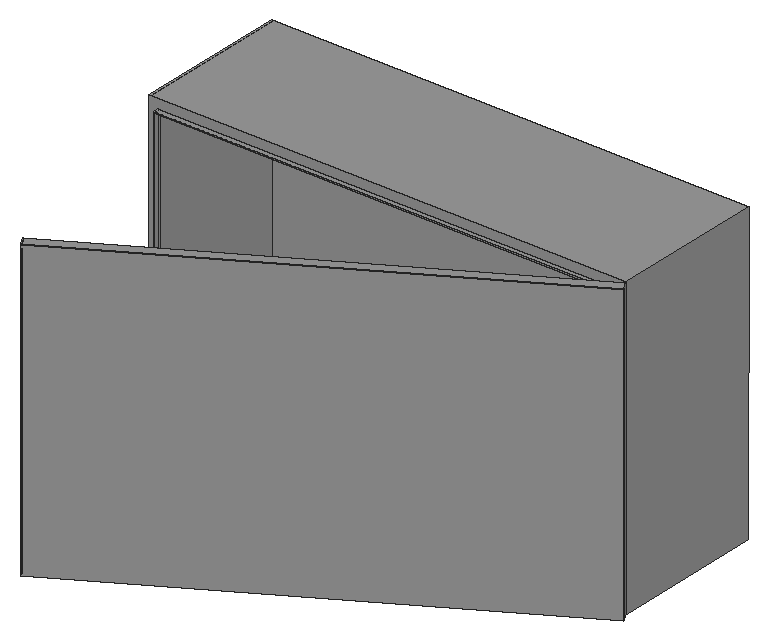
Revit family "Hager-Univers-IP55-D275-H500-Cl.I-Steel_encl-NoHosted-DE-de", category Equipement électrique, Revit 2020
Family settings
  Configuration du panneau = Deux colonnes, circuits au sein
  Cote de connecteur circulaire = Utiliser le diamètre
  Type d'élément = Tableau de raccordement
  Basée sur le plan de construction = Oui
  Toujours verticalement = Oui
  Couper avec des vides une fois chargée = Non
  Partagée = Non
  Point de calcul de pièce = Non
Parameters (values of type "Aufputz IP55 B800 H500 T275  - FR33E")
  Width Control [instance] = if([EF000008 - Breite] > Min Width, [EF000008 - Breite], Min Width)  # 800 mm
  Commentaires du type = [HG000003 - Bereich]  # "Univers"
  Thickness Door [instance] = if([EF009171 - Materialstärke Tür/Deckel] > 3 mm, 3 mm, [EF009171 - Materialstärke Tür/Deckel])  # 1.5 mm
  Seal Frame Offset [instance] = 17 mm  # constant formula
  Plinth Visibility [instance] = [HG000027 - Sockelhöhe] > 0 mm  # no
  Min Width [instance] = 100 mm  # constant formula
  Min Depth [instance] = (2 * [EF009170 - Materialstärke Gehäuse]) + 1 mm  # 4 mm
  Min Height [instance] = 100 mm  # constant formula
  Internal Frame Depth [instance] = (Door System Depth * 0.5)  # 9 mm
  Panel Name [instance] = ""  # (empty or 0)
  Model = ""
  HG000027 - Sockelhöhe = 0 mm
  HG000026 - Stehend auf dem Boden = no
  HG000024 - Höhe des unteren Teils = 600 mm
  HG000023 - Gehäuse mit doppeltem Querschnitt = no
  HG000016 - 3D-Türsichtbarkeit [instance] = yes
  HG000015 - Sichtbarkeit der Türöffnung [instance] = no
  HG000014 - Tür rechts [instance] = yes
  HG000013 - Tür links [instance] = not([HG000014 - Tür rechts])  # no
  HG000012 - Türschwenkwinkel [instance] = 30.00°
  HG000010 - Asymmetrische Türen = no
  HG000009 - Doppelflügeligen Tür = no
  HG000006 - Unterputz = no
  HG000004 - Herstellerreferenz = "FR33E"
  HG000003 - Bereich = "Univers"
  HG000002 - Mit tür = yes
  Frame Offset Bottom [instance] = 10 mm  # constant formula
  Frame Offset [instance] = 15 mm  # constant formula
  EF015940 - Deckel mit Überdruckentlastung = no
  EF011959 - Schutzart (NEMA) = ""
  EF009554 - Anzahl der Öffnungen für Flanschplatten = 6
  EF009212 - Ausführung Deckel = "EV000116 - geschlossen"
  EF009171 - Materialstärke Tür/Deckel = 1.5 mm
  EF009170 - Materialstärke Gehäuse = 1.5 mm
  EF008873 - Nennstrom (In) = 800 A
  EF007800 - Geeignet für Blitzschutz = no
  EF006306 - Mit Schloss = no
  EF006244 - Transparenter Deckel/Tür = no
  EF005474 - Schutzart (IP) = "EV006420 - IP55"
  EF004464 - Art der Tür = "EV002646 - Einzel"
  EF004427 - Anzahl der Module = 108
  EF004293 - Schlagfestigkeit = "EV008784 - IK10"
  EF003532 - Geeignet für Außengebrauch = no
  EF002950 - Breite in Teilungseinheiten = 24
  EF001613 - Funktionserhalt = "EV000494 - ohne"
  EF001596 - Werkstoff des Gehäuses = "EV000179 - Stahl"
  EF001131 - Innentiefe = 275 mm
  EF001088 - Anbaumöglichkeit = yes
  EF000437 - Anzahl der Leitungseinführungen = 6
  EF000339 - Art der Abdeckung = "EV004216 - Tür"
  EF000266 - Anzahl der Reihen = 3
  EF000218 - Einbautiefe = 0 mm
  EF000118 - Mit Montageplatte = no
  EF000116 - RAL-Nummer = "7035"
  EF000049 - Tiefe = 275 mm
  EF000040 - Höhe = 500 mm
  EF000008 - Breite = 800 mm
  EF000007 - Farbe = "EV000270 - grau"
  EF000003 - Montageart = "EV000384 - Aufputz"
  Door System Leaf Tolerance [instance] = 1.5 mm  # constant formula
  Door System Depth [instance] = 18 mm  # constant formula
  Door Height [instance] = Height Control - [HG000027 - Sockelhöhe]  # 500 mm
  Description = ""
  Default Elevation = 1219.2 mm
  Connector Offset [instance] = Height Control / 2  # 250 mm
  Fabricant = "Hager"  # constant formula
  Height Control [instance] = if([EF000040 - Höhe] > Min Height, [EF000040 - Höhe], Min Height)  # 500 mm
  Depth Control [instance] = if([EF000049 - Tiefe] > Min Depth, [EF000049 - Tiefe], Min Depth)  # 275 mm
  Bottom Top Plate Trim [instance] = 1.5 mm  # constant formula
  Plinth height Ctrl [instance] = if([HG000027 - Sockelhöhe] > 0 mm, [HG000027 - Sockelhöhe], 12 mm)  # 12 mm
Types (5, lengths in mm): name | Width Control | HG000010 - Asymmetrische Türen | HG000009 - Doppelflügeligen Tür | HG000004 - Herstellerreferenz | EF009554 - Anzahl der Öffnungen für Flanschplatten | EF004464 - Art der Tür | EF004427 - Anzahl der Module | EF000437 - Anzahl der Leitungseinführungen | EF000008 - Breite
  Aufputz IP55 B1050 H500 T275  - FR34E | 1050 | no | yes | "FR34E" | 8 | "EV003602 - Doppel" | 144 | 8 | 1050
  Aufputz IP55 B1300 H500 T275  - FR35E | 1300 | yes | yes | "FR35E" | 10 | "EV003602 - Doppel" | 180 | 10 | 1300
  Aufputz IP55 B300 H500 T275  - FR31E | 300 | no | no | "FR31E" | 2 | "EV002646 - Einzel" | 36 | 2 | 300
  Aufputz IP55 B550 H500 T275  - FR32E | 550 | no | no | "FR32E" | 4 | "EV002646 - Einzel" | 72 | 4 | 550
  Aufputz IP55 B800 H500 T275  - FR33E | 800 | no | no | "FR33E" | 6 | "EV002646 - Einzel" | 108 | 6 | 800
Reference planes
  plane 1 "Center (Front/Back)": y = 0
  plane 2: z = 0
  plane 3 "Center (Left/Right)": x = 0
  plane 4: y = 0
  plane 5: y = 0
  plane 6: z = 0
  plane 7: x = -400
  plane 8: x = 400
  plane 9: x = 398.5
  plane 10: x = -398.5
  plane 11: z = 0
  plane 12: z = 1.5
  plane 13: y = -275
  plane 14: y = -1.5
  plane 15: x = 0
  plane 16: y = -257
  plane 17: y = -273.5
  plane 18: y = -255.5
  plane 19: x = -383.5
  plane 20: x = 383.5
  plane 21: z = 11.5
  plane 22: x = -383
  plane 23: x = 383
  plane 24: z = 0
  plane 25: z = 500
  plane 26: z = 500
  plane 27: z = 483.5
  plane 28: z = 498.5
Forms (mm)
  Extrusion 1, solid, material "Hager_Steel_RAL7035_Light_Grey", detail levels medium+fine
    sketch origin (-208.679, -4572, 0) x (-1, 0, 0) y (0, -1, 0)
      loop
        line (191.321, -4315) -> (-608.679, -4315) -> (-608.679, -4572) -> (191.321, -4572) -> (191.321, -4315)
    from 0 to 500
  Extrusion 2, void
    sketch origin (-350.771, -275, 1219.2) x (1, 0, 0) y (0, 0, 1)
      loop
        line (-47.729, -720.7) -> (-47.729, -1217.7) -> (749.271, -1217.7) -> (749.271, -720.7) -> (-47.729, -720.7)
    from -19.5 to -273.5
  Extrusion 3, void
    sketch origin (-290.084, -257, 1219.2) x (1, 0, 0) y (0, 0, 1)
      loop
        line (-93.416, -1207.7) -> (673.584, -1207.7) -> (673.584, -735.7) -> (-93.416, -735.7) -> (-93.416, -1207.7)
    from 0 to -1.5
  Extrusion 4, solid, material "Hager_Steel_RAL7035_Light_Grey", visible <- "Plinth Visibility", detail levels medium+fine
    sketch origin (0, 0, 0) x (1, 0, 0) y (0, 1, 0)
      loop
        line (-400, 0) -> (-400, -257) -> (400, -257) -> (400, 0) -> (-400, 0)
    from 0 to 12 <- "Plinth height Ctrl"
  Extrusion 5, solid, material "Hager_Steel_RAL7035_Light_Grey", detail levels coarse
    sketch origin (0, 0, 0) x (1, 0, 0) y (0, 1, 0)
      loop
        line (-400, 0) -> (-400, -275) -> (400, -275) -> (400, 0) -> (-400, 0)
    from 0 to 500 <- "Height Control"
  Sweep 6, void
    path in 3D
      loop
        line (-400, -257, 12) -> (400, -257, 12) -> (400, 0, 12) -> (-400, 0, 12) -> (-400, -257, 12)
    profile origin (-400, -128.5, 12) x (1, 0, 0) y (0, 0, 1)
      loop
        line (0, 0) -> (0, -1.5) -> (1.5, -1.5)
        arc (1.5, -1.5) -> (1.061, -0.439) -> (0, 0) r 1.5
  Extrusion 7, solid, material "Hager_Steel_RAL7035_Light_Grey", detail levels fine
    sketch origin (-400, -257, 0) x (1, 0, 0) y (0, 0, 1)
      loop
        line (16.5, 11.5) -> (783.5, 11.5) -> (783.5, 483.5) -> (16.5, 483.5) -> (16.5, 11.5)
      loop
        line (15, 10) -> (785, 10) -> (785, 485) -> (15, 485) -> (15, 10)
    from 0 to 9 <- "Internal Frame Depth"
Cuts and joins
  Extrusion 2, Extrusion 3 cuts Extrusion 1
  Sweep 6 cuts Extrusion 4
Lines and regions (mm)
  Masking region 1
    outline origin (0, 0, 0) x (1, 0, 0) y (0, 1, 0)
      loop
        line (-400, 0) -> (-400, -275) -> (400, -275) -> (400, 0) -> (-400, 0)
  Masking region 2, detail levels coarse
    outline origin (-290.084, -257, 1219.2) x (-1, 0, 0) y (0, 0, 1)
      loop
        line (-690.084, -1219.2) -> (109.916, -1219.2) -> (109.916, -719.2) -> (-690.084, -719.2) -> (-690.084, -1219.2)
  Masking region 3, detail levels coarse
    outline origin (0, 0, 0) x (0, 1, 0) y (0, 0, 1)
      loop
        line (0, 0) -> (0, 500) -> (-275, 500) -> (-275, 0) -> (0, 0)
  Masking region 4, visible <- "Plinth Visibility", detail levels medium+fine
    outline origin (0, 0, 0) x (0, 1, 0) y (0, 0, 1)
      loop
        line (-1.5, 12) -> (-255.5, 12)
        arc (-255.5, 12) -> (-255.939, 10.939) -> (-257, 10.5) r 1.5
        line (-257, 10.5) -> (-257, 0) -> (0, 0) -> (0, 10.5)
        arc (0, 10.5) -> (-1.061, 10.939) -> (-1.5, 12) r 1.5
  Masking region 5, detail levels medium+fine
    outline origin (0, 0, 594.038) x (0, 1, 0) y (0, 0, 1)
      loop
        line (0, -594.038) -> (0, -94.038) -> (-257, -94.038) -> (-257, -594.038) -> (0, -594.038)
  Masking region 6, detail levels medium+fine
    outline origin (-359.7, -257, 1211.883) x (-1, 0, 0) y (0, 0, 1)
      loop
        line (-759.7, -1211.883) -> (40.3, -1211.883) -> (40.3, -711.883) -> (-759.7, -711.883) -> (-759.7, -1211.883)
  Masking region 7, visible <- "Plinth Visibility", detail levels medium+fine
    outline origin (-320.334, -257, 1041.368) x (-1, 0, 0) y (0, 0, 1)
      loop
        line (-720.334, -1041.368) -> (79.666, -1041.368) -> (79.666, -1030.868)
        arc (79.666, -1030.868) -> (78.606, -1030.429) -> (78.166, -1029.368) r 1.5
        line (78.166, -1029.368) -> (-718.834, -1029.368)
        arc (-718.834, -1029.368) -> (-719.273, -1030.429) -> (-720.334, -1030.868) r 1.5
        line (-720.334, -1030.868) -> (-720.334, -1041.368)
  sketch lines
    curve 1: line (-400, 0, 12) -> (-400, -257, 12)
    curve 2: line (-400, -257, 12) -> (400, -257, 12)
    curve 3: line (400, 0, 12) -> (-400, 0, 12)
    curve 4: line (400, -257, 12) -> (400, 0, 12)
Dimensions and locks
  locked: plane 1 "Center (Front/Back)" to plane 5
  "EF009170 - Materialstärke Gehäuse": plane 7 to plane 10
  "EF009170 - Materialstärke Gehäuse": plane 8 to plane 9
  equal spacing: plane 7, plane 3 "Center (Left/Right)", plane 8
  "Width Control": plane 7 to plane 8
  "Depth Control": plane 4 to plane 13
  "EF009170 - Materialstärke Gehäuse": plane 4 to plane 14
  "Height Control": plane 25 to level
  "HG000027 - Sockelhöhe": plane 11 to level
  "EF009170 - Materialstärke Gehäuse": plane 12 to plane 11
  "EF009170 - Materialstärke Gehäuse": plane 17 to plane 13
  "EF009170 - Materialstärke Gehäuse": plane 18 to plane 16
  "Frame Offset Bottom": plane 21 to plane 12
  "Frame Offset": plane 10 to plane 19
  "Frame Offset": plane 9 to plane 20
  "Door System Depth": plane 16 to plane 13
  "Seal Frame Offset": plane 7 to plane 22
  "Seal Frame Offset": plane 8 to plane 23
  "EF009170 - Materialstärke Gehäuse": plane 26 to plane 28
  "Frame Offset": plane 28 to plane 27
  "Connector Offset": plane 2 to connector elem
  "Bottom Top Plate Trim": profile plane to Sweep 6 sketch curve
  "Bottom Top Plate Trim": Sweep 6 sketch curve to Sweep 6 sketch curve
  "Plinth height Ctrl": Masking region 4 sketch curve to level
  "Plinth height Ctrl": Masking region 7 sketch curve to level
  "Thickness Door": Extrusion 7 sketch curve to Extrusion 7 sketch curve  (x4)
  "Bottom Top Plate Trim": radius of Sweep 6 sketch curve
  "Bottom Top Plate Trim": radius of Masking region 4 sketch curve  (x2)
  "Bottom Top Plate Trim": radius of Masking region 7 sketch curve  (x2)
  aligned and locked: Extrusion 2 sketch curve to plane 12
  aligned and locked: Extrusion 2 sketch curve to plane 9
  aligned and locked: Extrusion 2 sketch curve to plane 10
  aligned and locked: Extrusion 2 to plane 14
  aligned and locked: Extrusion 1 sketch curve to plane 4
  aligned and locked: plane 8 to Extrusion 1 sketch curve
  aligned and locked: plane 7 to Extrusion 1 sketch curve
  aligned and locked: Extrusion 2 to plane 18
  aligned and locked: plane 19 to Extrusion 3 sketch curve
  aligned and locked: plane 20 to Extrusion 3 sketch curve
  aligned and locked: Extrusion 3 to Extrusion 2
  aligned and locked: Extrusion 3 sketch curve to plane 21
  aligned and locked: plane 3 "Center (Left/Right)" to nested 1
  aligned and locked: Extrusion 1 sketch curve to plane 16
  aligned and locked: Extrusion 4 sketch curve to cut or joined group of Extrusion 1, Extrusion 2, Extrusion 3
  aligned and locked: Masking region 1 sketch curve to plane 7
  aligned and locked: Masking region 1 sketch curve to plane 5
  aligned and locked: Masking region 1 sketch curve to plane 8
  aligned and locked: Masking region 2 sketch curve to level
  aligned and locked: level to Masking region 3 sketch curve
  aligned and locked: plane 1 "Center (Front/Back)" to Masking region 3 sketch curve
  aligned and locked: plane 13 to Masking region 3 sketch curve
  aligned and locked: plane 5 to Masking region 4 sketch curve
  aligned and locked: Masking region 2 sketch curve to plane 8
  aligned and locked: Masking region 2 sketch curve to plane 7
  aligned and locked: plane 7 to nested 2
  aligned and locked: nested 2 to plane 5
  aligned and locked: plane 5 to Masking region 5 sketch curve
  aligned and locked: plane 26 to Masking region 5 sketch curve
  aligned and locked: Extrusion 5 sketch curve to plane 8
  aligned and locked: Extrusion 5 sketch curve to plane 7
  aligned and locked: Extrusion 5 sketch curve to plane 5
  aligned and locked: Extrusion 3 sketch curve to plane 27
  aligned and locked: Extrusion 2 sketch curve to plane 28
  aligned and locked: Masking region 2 to plane 25
  aligned and locked: Extrusion 4 to plane 16
  aligned and locked: profile plane to Sweep 6 sketch curve
  aligned and locked: Masking region 5 sketch curve to plane 24
  aligned and locked: level to Masking region 4 sketch curve
  aligned and locked: Masking region 1 to plane 13
  aligned and locked: nested 1 to plane 16
  aligned and locked: Masking region 3 to plane 25
  aligned and locked: plane 16 to Masking region 4 sketch curve
  aligned and locked: Masking region 5 sketch curve to plane 16
  aligned and locked: plane 24 to plane 11
  aligned and locked: plane 26 to plane 25
  aligned and locked: plane 26 to cut or joined group of Extrusion 1, Extrusion 2, Extrusion 3
  aligned and locked: nested 1 to plane 24
  aligned and locked: Extrusion 1 to Extrusion 3
  aligned and locked: Masking region 6 sketch curve to plane 8
  aligned and locked: Masking region 6 sketch curve to plane 24
  aligned and locked: Masking region 6 sketch curve to plane 7
  aligned and locked: Masking region 6 sketch curve to plane 26
  aligned and locked: Masking region 7 sketch curve to plane 7
  aligned and locked: level to Masking region 7 sketch curve
  aligned and locked: Masking region 7 sketch curve to plane 8
  aligned and locked: Extrusion 7 sketch curve to cut or joined group of Extrusion 1, Extrusion 2, Extrusion 3  (x4)
Automatic sketch dimensions
  plane 19 to Extrusion 3 sketch curve = 0 mm
  Extrusion 3 sketch curve to plane 20 = 0 mm
  Extrusion 3 sketch curve to plane 21 = 0 mm
  Extrusion 4 sketch curve to plane 7 = 0 mm
  Extrusion 4 sketch curve to plane 8 = 0 mm
  Extrusion 4 sketch curve to plane 16 = 0 mm
  Masking region 1 sketch curve to plane 13 = 0 mm
  Masking region 2 sketch curve to plane 25 = 0 mm
  Masking region 3 sketch curve to plane 25 = 0 mm
  Extrusion 5 sketch curve to plane 13 = 0 mm
  profile plane to Sweep 6 sketch curve = 0 mm
Nested families
  nested 1: "EC000058_Univers_Door" at (0, -257, 0), Double <- "HG000009 - Doppelflügeligen Tür", Transparent <- "EF006244 - Transparenter Deckel/Tür", Angle <- "HG000012 - Türschwenkwinkel", Door_Right <- "HG000014 - Tür rechts", Assymetrical <- "HG000010 - Asymmetrische Türen", Door <- "HG000002 - Mit tür", Width_Ctrl <- "Width Control", 3d_Door <- "HG000016 - 3D-Türsichtbarkeit", Clearance <- "HG000015 - Sichtbarkeit der Türöffnung", Door_Left <- "HG000013 - Tür links", Width <- "Width Control", Door_Depth <- "Door System Depth", Leaf_Tolerance <- "Door System Leaf Tolerance", Height <- "Door Height", Lock_Visibility <- "EF006306 - Mit Schloss", Thickness <- "Thickness Door", type "EC000058_Univers_Door", detail levels medium+fine
    with min_wh 4 mm, Width_Ctrl 800 mm, Width 800 mm, Transparent no, Thickness 1.5 mm, Seal_Material Hager_Rubber, Lock_Visibility no, Lock_Material Hager_Plastic_RAL9005_Jet_Black, Leaf_Width 800 mm, Leaf_Tolerance_External_Sides 0 mm, Leaf_Tolerance 1.5 mm, Leaf_Offset 0 mm, Leaf_Height 497 mm, Leaf_2_Width 800 mm, Leaf_2_Offset 400 mm, Leaf_1_Width 800 mm, Leaf_1_Offset 400 mm, Height_Ctrl 500 mm, Height 500 mm, Glass_Material Hager_Glass, Double_Clearance_Ctrl no, Double no, Door_Right_Ctrl yes, Door_Right yes, Door_Material Hager_Steel_RAL7035_Light_Grey, Door_Left_Ctrl no, Door_Left no, Door_Depth 18 mm, Door yes, Clearance_Material Hager_Clearance, Clearance_Depth 800 mm, Clearance_Ctrl no, Clearance no, Assymetrical no, Angle 30.00°, 3d_Door yes
  nested 2: "Hager_Enclosure_Symbol" at (-400, 0, 0), Height <- "Depth Control", Width <- "Width Control", type "Hager_Enclosure_Symbol"
    with Width_Ctrl 800 mm, Width 800 mm, Height_Ctrl 275 mm, Height 275 mm, A_Width_Int 18.047 mm, A_Width 216.562 mm, A_Height_Ctrl 240.625 mm, A_Height 240.625 mm
Connectors
  electrical at (0, 0, 250)
    settings: on plane 1 "Center (Front/Back)", index 1, voltage 0 V, apparent load 0 VA, apparent load phase1 0 VA, apparent load phase2 0 VA, apparent load phase3 0 VA, power factor 1, load classification "Other", number of poles 1, system type 30, power factor state 1, is connector primary yes, connector utility no, sub classification motor no, connector description ""
Definition of nested family "EC000058_Univers_Door"
  Parameters (values of type "EC000058_Univers_Door")
    min_wh [instance] = (2 * Thickness) + 1 mm  # 11 mm
    Width_Ctrl [instance] = 400 mm
    Width [instance] = 500 mm
    Transparent [instance] = yes
    Thickness [instance] = 5 mm
    Seal_Material [instance] = none
    Lock_Visibility [instance] = yes
    Lock_Material [instance] = none
    Leaf_Width [instance] = if((Width_Ctrl - 2 * Leaf_Tolerance_External_Sides) > 0 mm, (Width_Ctrl - 2 * Leaf_Tolerance_External_Sides), min_wh)  # 400 mm
    Leaf_Tolerance_External_Sides [instance] = 0 mm  # constant formula
    Leaf_Tolerance [instance] = 1.5 mm
    Leaf_Offset [instance] = 0 mm  # constant formula
    Leaf_Height [instance] = if((Height_Ctrl - 2 * Leaf_Tolerance) > 0 mm, (Height_Ctrl - 2 * Leaf_Tolerance), min_wh)  # 497 mm
    Leaf_2_Width [instance] = if(and(and(Double, Assymetrical), Door_Left), (Leaf_Width / 3) - (Leaf_Tolerance / 2), if(and(and(Double, Assymetrical), Door_Right), (Leaf_Width / 3) * 2 - (Leaf_Tolerance / 2), if(and(Double, not(Assymetrical)), (Leaf_Width / 2) - Leaf_Tolerance, Leaf_Width)))  # 400 mm
    Leaf_2_Offset [instance] = if(and(Double, Assymetrical), Leaf_2_Width / 2, if(and(Double, not(Assymetrical)), Leaf_Width / 4, Leaf_Width / 2))  # 200 mm
    Leaf_1_Width [instance] = if(and(and(Double, Assymetrical), Door_Right), (Leaf_Width / 3) - (Leaf_Tolerance / 2), if(and(and(Double, Assymetrical), Door_Left), (Width / 3) * 2 - (Leaf_Tolerance / 2), if(and(Double, not(Assymetrical)), (Leaf_Width / 2) - Leaf_Tolerance, Leaf_Width)))  # 400 mm
    Leaf_1_Offset [instance] = if(and(Double, Assymetrical), Leaf_1_Width / 2, if(and(Double, not(Assymetrical)), Leaf_Width / 4, Leaf_Width / 2))  # 200 mm
    Height_Ctrl [instance] = if(Height > min_wh, Height, min_wh)  # 500 mm
    Height [instance] = 500 mm
    Glass_Material [instance] = none
    Double_Clearance_Ctrl [instance] = and(Double, Clearance)  # no
    Double [instance] = no
    Door_Right_Ctrl [instance] = and(or(Door_Right, Double), Door)  # yes
    Door_Right [instance] = yes
    Door_Material [instance] = none
    Door_Left_Ctrl [instance] = and(or(Door_Left, Double), Door)  # no
    Door_Left [instance] = no
    Door_Depth [instance] = 30 mm
    Door [instance] = yes
    Default Elevation = 1219.2 mm
    Clearance_Material [instance] = none
    Clearance_Depth [instance] = if(Leaf_1_Width > Leaf_2_Width, Leaf_1_Width, Leaf_2_Width)  # 400 mm
    Clearance_Ctrl [instance] = and(not(Double), Clearance)  # yes
    Clearance [instance] = yes
    Assymetrical [instance] = yes
    Angle [instance] = 30.00°
    3d_Door [instance] = yes
  Reference planes
    plane 1 "Center (Front/Back)": y = 0
    plane 2 "Bottom": z = 0
    plane 3 "Center (Left/Right)": x = 0
    plane 4: z = 500
    plane 5: x = -200
    plane 6: x = 200
    plane 7: z = 500
    plane 8: x = -200
    plane 9: z = 0
    plane 10: x = 200
    plane 11: y = 0
    plane 12: z = 1.5
    plane 13: x = -600
    plane 14: y = -400
    plane 15: x = 600
    plane 16: x = 0
    plane 17: x = 0
    plane 18: x = -200
    plane 19: x = 200
    plane 20: z = 498.5
  Forms (mm)
    Extrusion 1, solid, material <- "Clearance_Material", visible <- "Double_Clearance_Ctrl"
      sketch origin (1200, 0, 0) x (1, 0, 0) y (0, 0, -1)
        loop
          line (-1800, -498.5) -> (-600, -498.5) -> (-600, 0) -> (-1800, 0) -> (-1800, -498.5)
      from 0 to -400
  Dimensions and locks
    equal spacing: plane 5, plane 3 "Center (Left/Right)", plane 6
    "Width_Ctrl": plane 5 to plane 6
    "Leaf_Offset": plane 5 to plane 8
    "Leaf_Offset": plane 6 to plane 10
    "Leaf_Offset": plane 9 to level
    "Leaf_Offset": plane 4 to plane 7
    "Height_Ctrl": plane 4 to level
    "Leaf_Tolerance": plane 12 to plane 9
    locked: plane 11 to plane 1 "Center (Front/Back)"
    "Leaf_1_Offset": plane 18 to plane 16
    "Leaf_2_Offset": plane 17 to plane 19
    "Leaf_1_Width": plane 13 to plane 8
    "Leaf_2_Width": plane 10 to plane 15
    "Clearance_Depth": plane 14 to plane 1 "Center (Front/Back)"
    "Leaf_Tolerance_External_Sides": plane 8 to plane 18
    "Leaf_Tolerance_External_Sides": plane 19 to plane 10
    "Leaf_Tolerance": plane 7 to plane 20
    aligned and locked: level to plane 2 "Bottom"
    aligned and locked: nested 1 to plane 16
    aligned and locked: nested 2 to plane 17
    aligned and locked: Extrusion 1 to plane 13
    aligned and locked: plane 15 to Extrusion 1
    aligned and locked: Extrusion 1 to plane 14
    aligned and locked: plane 12 to nested 1
    aligned and locked: nested 2 to plane 12
    aligned and locked: Extrusion 1 to plane 11
    aligned and locked: plane 20 to Extrusion 1
    aligned and locked: nested 2 to plane 11
    aligned and locked: nested 1 to plane 11
  Automatic sketch dimensions
    Extrusion 1 sketch curve to level = 0 mm
    plane 5 to Extrusion 1 sketch curve = 400 mm
    plane 6 to Extrusion 1 sketch curve = 400 mm
    Extrusion 1 sketch curve to plane 4 = 1.5 mm
  Nested families
    nested 1: "EC000058_Univers_Door_Leaf" at (0, 0, 1.5), Width <- "Leaf_1_Width", visible <- "Door_Left_Ctrl", Leaf_Height <- "Leaf_Height", Angle <- "Angle", 3d_Door <- "3d_Door", Transparent <- "Transparent", Clearance Material <- "Clearance_Material", Clearance <- "Clearance_Ctrl", Door_Material <- "Door_Material", Glass_Material <- "Glass_Material", Door_Depth <- "Door_Depth", Lock_Material <- "Lock_Material", Seal_Material <- "Seal_Material", Lock_Visibility <- "Lock_Visibility", Thickness <- "Thickness", type "EC000058_Univers_Door_Leaf"
      with Width 400 mm, Transparent_Glass_Offset 30 mm, Transparent_Ctrl yes, Transparent yes, Thickness 5 mm, Standard no, Seal_Material none, Seal_D2 8 mm, Seal_D1 1 mm, Offset_Internal_Frame 10 mm, Lock_Width 20 mm, Lock_Visibility_3d yes, Lock_Visibility yes, Lock_Thickness_3 3 mm, Lock_Thickness_2 1 mm, Lock_Thickness_1 3 mm, Lock_Radius_Offset_2 16 mm, Lock_Radius_Offset_1 15 mm, Lock_Radius_2 5 mm, Lock_Radius 6 mm, Lock_Offset 5 mm, Lock_Material none, Lock_Height 80 mm, Lock_Cover_Top_Offset_2d 17 mm, Lock_Cover_Height -65 mm, Leaf_Height 497 mm, Internal_Seal_Thickness 8 mm, Internal_Seal_Depth_2 4.5 mm, Internal_Frame_Depth 25 mm, Glass_Thickness -1 mm, Glass_Offset -2 mm, Glass_Material none, Door_Material none, Door_Depth 30 mm, Clearance Material none, Clearance yes, Angle_Ctrl 30.00°, Angle 30.00°, 3d_Door yes
    nested 2: "EC000058_Univers_Door_Leaf" at (0, 0, 1.5) x (-1, 0, 0) z (0, 0, 1), Width <- "Leaf_2_Width", visible <- "Door_Right_Ctrl", Leaf_Height <- "Leaf_Height", Angle <- "Angle", 3d_Door <- "3d_Door", Transparent <- "Transparent", Clearance Material <- "Clearance_Material", Clearance <- "Clearance_Ctrl", Door_Material <- "Door_Material", Glass_Material <- "Glass_Material", Door_Depth <- "Door_Depth", Lock_Material <- "Lock_Material", Seal_Material <- "Seal_Material", Lock_Visibility <- "Lock_Visibility", Thickness <- "Thickness", type "EC000058_Univers_Door_Leaf"
      with Width 400 mm, Transparent_Glass_Offset 30 mm, Transparent_Ctrl yes, Transparent yes, Thickness 5 mm, Standard no, Seal_Material none, Seal_D2 8 mm, Seal_D1 1 mm, Offset_Internal_Frame 10 mm, Lock_Width 20 mm, Lock_Visibility_3d yes, Lock_Visibility yes, Lock_Thickness_3 3 mm, Lock_Thickness_2 1 mm, Lock_Thickness_1 3 mm, Lock_Radius_Offset_2 16 mm, Lock_Radius_Offset_1 15 mm, Lock_Radius_2 5 mm, Lock_Radius 6 mm, Lock_Offset 5 mm, Lock_Material none, Lock_Height 80 mm, Lock_Cover_Top_Offset_2d 17 mm, Lock_Cover_Height -65 mm, Leaf_Height 497 mm, Internal_Seal_Thickness 8 mm, Internal_Seal_Depth_2 4.5 mm, Internal_Frame_Depth 25 mm, Glass_Thickness -1 mm, Glass_Offset -2 mm, Glass_Material none, Door_Material none, Door_Depth 30 mm, Clearance Material none, Clearance yes, Angle_Ctrl 30.00°, Angle 30.00°, 3d_Door yes
  Definition of nested family "EC000058_Univers_Door_Leaf"
    Parameters (values of type "EC000058_Univers_Door_Leaf")
      Width [instance] = 2000 mm
      Transparent_Glass_Offset [instance] = 30 mm
      Transparent_Ctrl [instance] = and(Transparent, [3d_Door])  # yes
      Transparent [instance] = yes
      Thickness [instance] = 5 mm
      Standard [instance] = and(not(Transparent), [3d_Door])  # no
      Seal_Material [instance] = none
      Seal_D2 [instance] = 8 mm  # constant formula
      Seal_D1 [instance] = 1 mm  # constant formula
      Offset_Internal_Frame [instance] = 10 mm  # constant formula
      Lock_Width [instance] = 20 mm  # constant formula
      Lock_Visibility_3d [instance] = and(Lock_Visibility, [3d_Door])  # yes
      Lock_Visibility [instance] = yes
      Lock_Thickness_3 [instance] = 3 mm  # constant formula
      Lock_Thickness_2 [instance] = 1 mm  # constant formula
      Lock_Thickness_1 [instance] = 3 mm  # constant formula
      Lock_Radius_Offset_2 [instance] = Lock_Radius_Offset_1 + 1 mm  # 16 mm
      Lock_Radius_Offset_1 [instance] = 15 mm  # constant formula
      Lock_Radius_2 [instance] = Lock_Radius - 1 mm  # 5 mm
      Lock_Radius [instance] = 6 mm  # constant formula
      Lock_Offset [instance] = 5 mm  # constant formula
      Lock_Material [instance] = none
      Lock_Height [instance] = 80 mm  # constant formula
      Lock_Cover_Top_Offset_2d [instance] = Lock_Radius_Offset_2 + 1 mm  # 17 mm
      Lock_Cover_Height [instance] = -(Lock_Height - Lock_Radius_Offset_1)  # -65 mm
      Leaf_Height [instance] = 2720.336 mm
      Internal_Seal_Thickness [instance] = 8 mm  # constant formula
      Internal_Seal_Depth_2 [instance] = 4.5 mm  # constant formula
      Internal_Frame_Depth [instance] = if(Door_Depth - Thickness > 5 mm, Door_Depth - Thickness, 5 mm)  # 25 mm
      Glass_Thickness [instance] = if(Thickness > 15 mm, Glass_Offset + 10 mm, -1 mm)  # -1 mm
      Glass_Offset [instance] = if(Thickness > 15 mm, -(Thickness + 10 mm) / 2, -2 mm)  # -2 mm
      Glass_Material [instance] = none
      Door_Material [instance] = none
      Door_Depth [instance] = 30 mm
      Default Elevation = 0 mm
      Clearance Material [instance] = none
      Clearance [instance] = yes
      Angle_Ctrl [instance] = if(Angle > 180.00°, 180.00°, Angle)  # 90.00°
      Angle [instance] = 90.00°
      3d_Door [instance] = yes
    Reference planes
      plane 1 "Center (Front/Back)": y = 0
      plane 2: z = 0
      plane 3 "Center (Left/Right)": x = 0
      plane 4: y = 2000
      plane 5: x = -1000
      plane 6: x = 1000
      plane 7: x = -3000
      plane 8: z = 2720.336
      plane 9: z = 30
      plane 10: z = 2690.336
      plane 11: x = 970
      plane 12: x = -970
      plane 13: y = -3
      plane 14: z = 107.833
      plane 15: y = -5
      plane 16: y = -223.314
      plane 17: x = -1000
      plane 18: z = 1360.168
      plane 19: y = 30
    Forms (mm)
      Extrusion 1, solid, material <- "Clearance Material", visible <- "Clearance"
        sketch origin (0, 0, 0) x (1, 0, 0) y (0, 0, 1)
          loop
            line (-3000, 2720.336) -> (-3000, 0) -> (1000, 0) -> (1000, 2720.336) -> (-3000, 2720.336)
        from 0 to -2000
      Extrusion 2, solid, material <- "Door_Material", visible <- "Standard", detail levels medium+fine
        sketch origin (-1000, 0, 0) x (0, 1, 0) y (-1, 0, 0)
          loop
            line (0, 30) -> (0, 25) -> (2000, 25) -> (2000, 30) -> (0, 30)
        from 0 to 2720.336 <- "Leaf_Height"
      Extrusion 3, solid, material <- "Door_Material", visible <- "Transparent_Ctrl", detail levels medium+fine
        sketch origin (-1000, 0, 0) x (0, 1, 0) y (-1, 0, 0)
          loop
            line (0, 25) -> (2000, 25) -> (2000, 30) -> (0, 30) -> (0, 25)
        from 0 to 2720.336 <- "Leaf_Height"
      Extrusion 4, void
        sketch origin (-1025, 2000, 0) x (0, 1, 0) y (0, 0, -1)
          loop
            line (-30, -2690.336) -> (-30, -30) -> (-1970, -30) -> (-1970, -2690.336) -> (-30, -2690.336)
        from 0 to 5 <- "Thickness"
      Sweep 5, solid, material <- "Seal_Material", visible <- "Transparent_Ctrl", detail levels fine
        path in 3D
          loop
            line (-1025, 30, 30) -> (-1025, 30, 2690.336) -> (-1025, 1970, 2690.336) -> (-1025, 1970, 30) -> (-1025, 30, 30)
        profile origin (-1025, 1000, 30) x (1, 0, 0) y (0, 0, 1)
          loop
            line (0, 0) -> (0, -8) -> (1, -8) -> (1, 0) -> (0, 0)
      Extrusion 6, solid, material <- "Glass_Material", visible <- "Transparent_Ctrl", detail levels medium+fine
        sketch origin (-1030, 0, 0) x (0, 1, 0) y (0, 0, -1)
          loop
            line (1970, -2690.336) -> (1970, -30) -> (30, -30) -> (30, -2690.336) -> (1970, -2690.336)
        from -2 <- "Glass_Offset" to -1 <- "Glass_Thickness"
      Extrusion 7, solid, material <- "Door_Material", visible <- "3d_Door", detail levels medium+fine
        sketch origin (-1025, 2000, 0) x (0, -1, 0) y (0, 0, -1)
          loop
            line (0, -2720.336) -> (2000, -2720.336) -> (2000, 0) -> (0, 0) -> (0, -2720.336)
          loop
            line (1995, -5) -> (5, -5) -> (5, -2715.336) -> (1995, -2715.336) -> (1995, -5)
        from 0 to 25 <- "Internal_Frame_Depth"
      Sweep 8, solid, material <- "Seal_Material", visible <- "Transparent_Ctrl", detail levels fine
        path in 3D
          loop
            line (-1025, 0, 0) -> (-1025, 2000, 0) -> (-1025, 2000, 2720.336) -> (-1025, 0, 2720.336) -> (-1025, 0, 0)
        profile origin (-1025, 0, 1360.168) x (1, 0, 0) y (0, 1, 0)
          loop
            line (0, 10) -> (2.975, 10)
            arc (2.975, 10) -> (4.053, 10.447) -> (4.5, 11.525) r 1.525
            line (4.5, 11.525) -> (4.5, 16.527)
            arc (4.5, 16.527) -> (4.069, 17.569) -> (3.027, 18) r 1.473
            line (3.027, 18) -> (0, 18) -> (0, 10)
      Extrusion 9, solid, material <- "Lock_Material", visible <- "Lock_Visibility_3d", detail levels fine
        sketch origin (-1030, 0, 0) x (0, 1, 0) y (0, 0, -1)
          loop
            arc (1993.5, -1400.168) -> (1994.561, -1399.729) -> (1995, -1398.668) r 1.5
            line (1995, -1398.668) -> (1995, -1320.168) -> (1975, -1320.168) -> (1975, -1398.668)
            arc (1975, -1398.668) -> (1975.439, -1399.729) -> (1976.5, -1400.168) r 1.5
            line (1976.5, -1400.168) -> (1993.5, -1400.168)
        from 3 <- "Lock_Thickness_1" to 0
      Blend 10, solid, material <- "Lock_Material", visible <- "Lock_Visibility_3d", detail levels fine
        base sketch origin (-1033, 0, 0) x (0, 1, 0) y (0, 0, -1)
          loop
            line (1975, -1320.168) -> (1975, -1398.668)
            arc (1975, -1398.668) -> (1975.439, -1399.729) -> (1976.5, -1400.168) r 1.5
            line (1976.5, -1400.168) -> (1993.5, -1400.168)
            arc (1993.5, -1400.168) -> (1994.561, -1399.729) -> (1995, -1398.668) r 1.5
            line (1995, -1398.668) -> (1995, -1320.168) -> (1975, -1320.168)
        top sketch origin (-1033, 0, 0) x (0, 1, 0) y (0, 0, -1)
          loop
            line (1976, -1320.168) -> (1976, -1398.668)
            arc (1976, -1398.668) -> (1976.146, -1399.022) -> (1976.5, -1399.168) r 0.5
            line (1976.5, -1399.168) -> (1993.5, -1399.168)
            arc (1993.5, -1399.168) -> (1993.854, -1399.022) -> (1994, -1398.668) r 0.5
            line (1994, -1398.668) -> (1994, -1320.168) -> (1976, -1320.168)
        from 0 to 1 <- "Lock_Thickness_2"
      Blend 11, solid, material <- "Lock_Material", visible <- "Lock_Visibility_3d", detail levels fine
        base sketch origin (-1034, 0, 0) x (0, 1, 0) y (0, 0, -1)
          loop
            line (1978, -1320.168) -> (1978, -1384.168)
            arc (1978, -1384.168) -> (1985, -1391.168) -> (1992, -1384.168) r 7
            line (1992, -1384.168) -> (1992, -1320.168) -> (1978, -1320.168)
        top sketch origin (-1034, 0, 0) x (0, 1, 0) y (0, 0, -1)
          loop
            line (1991, -1320.168) -> (1979, -1320.168) -> (1979, -1383.168)
            arc (1979, -1383.168) -> (1985, -1389.168) -> (1991, -1383.168) r 6
            line (1991, -1383.168) -> (1991, -1320.168)
        from 0 to 3 <- "Lock_Thickness_3"
      Extrusion 12, solid, material <- "Lock_Material", visible <- "Lock_Visibility_3d", detail levels fine
        sketch origin (-1030, 1975, 1320.168) x (1, 0, 0) y (0, -1, 0)
          loop
            line (-7, -19) -> (-7, -1) -> (0, -1) -> (0, 0) -> (-8, 0) -> (-8, -20) -> (0, -20) -> (0, -19) -> (-7, -19)
        from 0 to -65 <- "Lock_Cover_Height"
      Extrusion 13, void
        sketch origin (-1038, 1995, 1320.168) x (-1, 0, 0) y (0, 0, -1)
          loop
            line (-5, -65) -> (0, -65) -> (-5, -60) -> (-5, -65)
        from 0 to 20 <- "Lock_Width"
      Extrusion 14, void
        sketch origin (-1038, 1975, 1320.168) x (0, -1, 0) y (0, 0, -1)
          loop
            circle (-10, -15.995) r 6
          loop
            circle (-10, -15.995) r 5
        from 0 to 2
      Extrusion 15, solid, material <- "Lock_Material", visible <- "Lock_Visibility_3d", detail levels medium
        sketch origin (-1030, 0, 0) x (0, 1, 0) y (0, 0, -1)
          loop
            arc (1993.5, -1400.168) -> (1994.561, -1399.729) -> (1995, -1398.668) r 1.5
            line (1995, -1398.668) -> (1995, -1320.168) -> (1975, -1320.168) -> (1975, -1398.668)
            arc (1975, -1398.668) -> (1975.439, -1399.729) -> (1976.5, -1400.168) r 1.5
            line (1976.5, -1400.168) -> (1993.5, -1400.168)
        from 8 to 0
    Cuts and joins
      Extrusion 4 cuts Extrusion 3
      Extrusion 13, Extrusion 14 cuts Extrusion 9
      Extrusion 14 cuts Blend 11
      Extrusion 13, Extrusion 14 cuts Extrusion 12
      joined: Extrusion 9, Blend 10, Blend 11, Extrusion 12
      Extrusion 14 cuts Extrusion 15
    Lines and regions (mm)
      Masking region 1, visible <- "Lock_Visibility", detail levels fine
        outline origin (0, 0, 0) x (0, 1, 0) y (0, 0, 1)
          loop
            line (30, 1320.168) -> (33, 1320.168) -> (33, 1400.168) -> (30, 1400.168) -> (30, 1320.168)
      Masking region 2, visible <- "Lock_Visibility", detail levels fine
        outline origin (0, 3.143, 0) x (0, 1, 0) y (0, 0, 1)
          loop
            line (29.857, 1354.168) -> (30.857, 1354.168) -> (30.857, 1366.168) -> (29.857, 1366.168) -> (29.857, 1354.168)
      Masking region 3, detail levels medium+fine
        outline origin (0, 0, 0) x (0, 1, 0) y (0, 0, 1)
          loop
            line (0, 0) -> (30, 0) -> (30, 2720.336) -> (0, 2720.336) -> (0, 0)
      Masking region 4, detail levels medium+fine
        outline origin (0, 0, 0) x (1, 0, 0) y (0, 0, 1)
          loop
            line (-1000, 2720.336) -> (-1000, 0) -> (1000, 0) -> (1000, 2720.336) -> (-1000, 2720.336)
      Masking region 5, visible <- "Lock_Visibility", detail levels fine
        outline origin (-47.116, 0, 0) x (1, 0, 0) y (0, 0, 1)
          loop
            arc (1024.616, 1399.168) -> (1023.556, 1398.729) -> (1023.116, 1397.668) r 1.5
            line (1023.116, 1397.668) -> (1023.116, 1320.168) -> (1041.116, 1320.168) -> (1041.116, 1397.668)
            arc (1041.116, 1397.668) -> (1040.677, 1398.729) -> (1039.616, 1399.168) r 1.5
            line (1039.616, 1399.168) -> (1024.616, 1399.168)
      Masking region 6, visible <- "Lock_Visibility", detail levels medium+fine
        outline origin (-25, 0, 0) x (1, 0, 0) y (0, 0, 1)
          loop
            arc (1001.5, 1400.168) -> (1000.439, 1399.729) -> (1000, 1398.668) r 1.5
            line (1000, 1398.668) -> (1000, 1320.168) -> (1020, 1320.168) -> (1020, 1398.668)
            arc (1020, 1398.668) -> (1019.561, 1399.729) -> (1018.5, 1400.168) r 1.5
            line (1018.5, 1400.168) -> (1001.5, 1400.168)
      Masking region 7, visible <- "Lock_Visibility", detail levels fine
        outline origin (-73.735, 0, 0) x (1, 0, 0) y (0, 0, 1)
          loop
            line (1051.735, 1382.168) -> (1065.735, 1382.168) -> (1065.735, 1384.168)
            arc (1065.735, 1384.168) -> (1058.735, 1391.168) -> (1051.735, 1384.168) r 7
            line (1051.735, 1384.168) -> (1051.735, 1382.168)
      Masking region 8, visible <- "Lock_Visibility", detail levels fine
        outline origin (-73.735, 0, 0) x (1, 0, 0) y (0, 0, 1)
          loop
            line (1052.735, 1382.168) -> (1064.735, 1382.168) -> (1064.735, 1383.168)
            arc (1064.735, 1383.168) -> (1058.735, 1389.168) -> (1052.735, 1383.168) r 6
            line (1052.735, 1383.168) -> (1052.735, 1382.168)
      Masking region 9, visible <- "Lock_Visibility", detail levels fine
        outline origin (-25, 0, 0) x (1, 0, 0) y (0, 0, 1)
          loop
            line (1020, 1320.168) -> (1020, 1382.168) -> (1000, 1382.168) -> (1000, 1320.168) -> (1020, 1320.168)
      Masking region 10, detail levels medium+fine
        outline origin (0, 0, 0) x (1, 0, 0) y (0, 0, 1)
          loop
            circle (985, 1335.144) r 6
      Masking region 11, detail levels fine
        outline origin (0, 0, 0) x (1, 0, 0) y (0, 0, 1)
          loop
            circle (985, 1335.144) r 5
      Masking region 12, visible <- "Lock_Visibility", detail levels fine
        outline origin (0, 12.767, 0) x (0, 1, 0) y (0, 0, 1)
          loop
            line (20.233, 1320.168) -> (21.233, 1320.168) -> (21.233, 1399.168) -> (20.233, 1400.168) -> (20.233, 1320.168)
      Masking region 13, visible <- "Lock_Visibility", detail levels fine
        outline origin (0, 13.767, -10) x (0, 1, 0) y (0, 0, 1)
          loop
            line (20.233, 1330.168) -> (23.233, 1330.168) -> (23.233, 1399.168) -> (20.233, 1402.168) -> (20.233, 1330.168)
      Masking region 14, visible <- "Lock_Visibility", detail levels fine
        outline origin (0, 12.767, -10) x (0, 1, 0) y (0, 0, 1)
          loop
            line (20.233, 1330.168) -> (25.233, 1330.168) -> (25.233, 1399.305) -> (20.233, 1394.305) -> (20.233, 1330.168)
      Masking region 15, visible <- "Lock_Visibility", detail levels medium
        outline origin (0, 0, 0) x (0, 1, 0) y (0, 0, 1)
          loop
            line (30, 1320.168) -> (38, 1320.168) -> (38, 1400.168) -> (30, 1400.168) -> (30, 1320.168)
      Masking region 16, visible <- "Lock_Visibility", detail levels fine
        outline origin (-1000, 0, 0) x (0, 1, 0) y (-1, 0, 0)
          loop
            line (1975, 30) -> (1995, 30) -> (1995, 38) -> (1975, 38) -> (1975, 30)
          loop
            line (1979, 37) -> (1976, 37) -> (1976, 34) -> (1978, 34) -> (1979, 37)
          loop
            line (1994, 37) -> (1991, 37) -> (1992, 34) -> (1994, 34) -> (1994, 37)
      Masking region 17, visible <- "Lock_Visibility", detail levels medium
        outline origin (-1000, 0, 0) x (0, 1, 0) y (-1, 0, 0)
          loop
            line (1975, 30) -> (1995, 30) -> (1995, 38) -> (1975, 38) -> (1975, 30)
      symbolic lines
        curve 1: line (1000, 0, 0) -> (-3000, 0, 0)
        curve 2: arc (1000, 0, 0) -> (-1000, 2000, 0) -> (-3000, 0, 0) r 2000
        curve 4: line (-1030, 0, 0) -> (-1030, 2000, 0)
      reference lines
        curve 3: line (-1000, 0, 0) -> (-1000, 2000, 0)
      symbolic lines, detail levels medium+fine
        curve 5: line (-1030, 2000, 0) -> (-1025, 2000, 0)
        curve 7: line (-1025, 0, 0) -> (-1030, 0, 0)
        curve 8: line (-1025, 0, 0) -> (-1000, 0, 0)
        curve 9: line (-1000, 0, 0) -> (-1000, 2000, 0)
        curve 10: line (-1000, 2000, 0) -> (-1025, 2000, 0)
      symbolic lines, detail levels fine
        curve 6: line (-1025, 2000, 0) -> (-1025, 0, 0)
      sketch lines
        curve 11: line (-1025, 0, 2720.336) -> (-1025, 0, 0)
        curve 12: line (-1025, 2000, 0) -> (-1025, 0, 0)
        curve 13: line (-1025, 2000, 2720.336) -> (-1025, 2000, 0)
        curve 14: line (-1025, 0, 2720.336) -> (-1025, 2000, 2720.336)
        curve 15: line (-1025, 1970, 30) -> (-1025, 30, 30)
        curve 16: line (-1025, 30, 30) -> (-1025, 30, 2690.336)
        curve 17: line (-1025, 1970, 2690.336) -> (-1025, 1970, 30)
        curve 18: line (-1025, 30, 2690.336) -> (-1025, 1970, 2690.336)
      symbolic lines, visible <- "Transparent", detail levels medium+fine
        curve 19: line (-970, 0, 2690.336) -> (970, 0, 2690.336)
        curve 20: line (-970, 0, 30) -> (-970, 0, 2690.336)
        curve 21: line (970, 0, 30) -> (-970, 0, 30)
        curve 22: line (970, 0, 2690.336) -> (970, 0, 30)
    Dimensions and locks
      "Width": plane 1 "Center (Front/Back)" to plane 4
      equal spacing: plane 5, plane 3 "Center (Left/Right)", plane 6
      "Width": plane 5 to plane 6
      "Width": plane 7 to plane 5
      "Leaf_Height": plane 8 to level
      "Width": curve 5 to curve 3
      "Width": curve 3 to curve 3
      plane 8 to plane 10 = 30 mm
      plane 9 to level = 30 mm
      plane 12 to plane 5 = 30 mm
      plane 6 to plane 11 = 30 mm
      Extrusion 1 to Extrusion 4 sketch curve = 30 mm
      "Transparent_Glass_Offset": curve 3 to Extrusion 4 sketch curve
      "Transparent_Glass_Offset": Extrusion 4 sketch curve to cut or joined group of Extrusion 3, Extrusion 4  (x2)
      cut or joined group of Extrusion 3, Extrusion 4 to Extrusion 6 sketch curve = 30 mm
      "Transparent_Glass_Offset": cut or joined group of Extrusion 3, Extrusion 4 to Extrusion 4 sketch curve
      "Thickness": curve 6 to curve 4
      "Thickness": Extrusion 7 sketch curve to Extrusion 7 sketch curve  (x4)
      "Door_Depth": curve 4 to curve 3
      "Offset_Internal_Frame": profile plane to Sweep 8 sketch curve
      "Internal_Seal_Thickness": Sweep 8 sketch curve to Sweep 8 sketch curve
      "Internal_Seal_Depth_2": profile plane to Sweep 8 sketch curve
      "Seal_D1": profile plane to Sweep 5 sketch curve
      "Seal_D2": profile plane to Sweep 5 sketch curve
      "Thickness": Extrusion 2 sketch curve to Extrusion 2 sketch curve
      equal spacing: Extrusion 9 sketch curve, plane 18, Extrusion 9 sketch curve  (x2)
      equal spacing: Masking region 1 sketch curve, plane 18, Masking region 1 sketch curve
      "Lock_Height": Masking region 1 sketch curve to Masking region 1 sketch curve
      "Lock_Radius": Masking region 2 sketch curve to plane 18 to Masking region 2 sketch curve
      Masking region 2 sketch curve to Masking region 1 = 1 mm
      "Door_Depth": plane 19 to plane 1 "Center (Front/Back)"
      "Lock_Thickness_1": Masking region 1 sketch curve to plane 19
      "Lock_Width": Extrusion 9 sketch curve to Extrusion 9 sketch curve
      "Lock_Height": Extrusion 9 sketch curve to Extrusion 9 sketch curve
      "Lock_Offset": cut or joined group of Extrusion 3, Extrusion 4 to Extrusion 9 sketch curve
      equal spacing: plane 8, plane 18, level
      "Lock_Radius_Offset_1": Blend 11 sketch curve to Blend 10
      locked: Blend 10 to Blend 11 sketch curve at 2  (x2)
      locked: var sketch to Blend 11 sketch curve at 1  (x2)
      "Lock_Radius_Offset_2": Blend 11 sketch curve to Blend 10
      locked: Extrusion 12 sketch curve to Extrusion 12 sketch curve at 1  (x3)
      Masking region 6 sketch curve to Masking region 6 sketch curve = 80 mm
      "Lock_Height": Masking region 6 sketch curve to Masking region 6 sketch curve
      "Lock_Width": Masking region 6 sketch curve to Masking region 6 sketch curve
      locked: Masking region 6 to Masking region 5 sketch curve at 1  (x3)
      locked: Masking region 5 to Masking region 7 sketch curve at 2  (x2)
      "Lock_Radius_Offset_1": Masking region 5 to Masking region 7 sketch curve
      "Lock_Radius_Offset_2": Masking region 5 to Masking region 8 sketch curve
      locked: Masking region 7 to Masking region 8 sketch curve at 1  (x2)
      "Lock_Cover_Top_Offset_2d": Masking region 5 to Masking region 9 sketch curve
      equal spacing: Masking region 9, Masking region 10 sketch curve, Masking region 9
      equal spacing: Masking region 9, Masking region 11 sketch curve, Masking region 9
      Extrusion 15 sketch curve to Extrusion 15 sketch curve = 80 mm
      "Lock_Width": Extrusion 15 sketch curve to Extrusion 15 sketch curve
      "Lock_Height": Extrusion 15 sketch curve to Extrusion 15 sketch curve
      equal spacing: Extrusion 15 sketch curve, plane 18, Extrusion 15 sketch curve
      "Lock_Thickness_3": Masking region 13 sketch curve to Masking region 13 sketch curve
      "Lock_Height": Masking region 12 sketch curve to Masking region 12 sketch curve
      locked: Masking region 13 sketch curve to Masking region 1 at 8
      locked: Masking region 14 sketch curve to Masking region 13 at 1
      locked: Masking region 14 sketch curve to Masking region 1 at 10.863
      "Lock_Height": Masking region 15 sketch curve to Masking region 15 sketch curve
      "Lock_Offset": Extrusion 15 sketch curve to cut or joined group of Extrusion 3, Extrusion 4
      "Lock_Offset": plane 6 to Masking region 6 sketch curve
      radius of Sweep 8 sketch curve = 1.525 mm
      radius of Sweep 8 sketch curve = 1.473 mm
      radius of Extrusion 9 sketch curve = 1.5 mm  (x2)
      "Lock_Radius": radius of Extrusion 14 sketch curve
      "Lock_Radius_2": radius of Extrusion 14 sketch curve
      "Lock_Radius": radius of Masking region 10 sketch curve
      "Lock_Radius_2": radius of Masking region 11 sketch curve
      radius of Extrusion 15 sketch curve = 1.5 mm  (x2)
      "Angle_Ctrl": angle plane 1 "Center (Front/Back)" to curve 3
      locked: Masking region 12 sketch curve to Masking region 12 sketch curve (angle 45.00°)
      locked: Masking region 13 sketch curve to Masking region 13 sketch curve (angle 45.00°)
      locked: Masking region 14 sketch curve to Masking region 14 sketch curve (angle 45.00°)
      aligned and locked: level to plane 2
      aligned and locked: Extrusion 1 to curve 1
      aligned and locked: plane 6 to Extrusion 1
      aligned and locked: Extrusion 1 to plane 1 "Center (Front/Back)"
      aligned and locked: plane 4 to Extrusion 1
      aligned and locked: plane 8 to Extrusion 1
      aligned and locked: curve 7 to Extrusion 2 sketch curve
      aligned and locked: curve 5 to Extrusion 2 sketch curve
      aligned and locked: curve 7 to Extrusion 3 sketch curve
      aligned and locked: Extrusion 3 sketch curve to curve 4
      aligned and locked: Extrusion 3 sketch curve to curve 6
      aligned and locked: Extrusion 3 sketch curve to curve 5
      aligned and locked: curve 9 to curve 3
      aligned and locked: Extrusion 7 sketch curve to cut or joined group of Extrusion 3, Extrusion 4  (x4)
      aligned and locked: plane 17 to curve 3
      aligned and locked: plane 1 "Center (Front/Back)" to curve 3
      aligned and locked: plane 17 to plane 5
      aligned and locked: Sweep 8 sketch curve to profile plane
      aligned and locked: Sweep 5 sketch curve to profile plane  (x2)
      aligned and locked: Masking region 1 to Masking region 2 sketch curve
      aligned and locked: plane 19 to Masking region 1 sketch curve
      aligned and locked: plane 1 "Center (Front/Back)" to Masking region 3 sketch curve
      aligned and locked: plane 19 to Masking region 3 sketch curve
      aligned and locked: level to Masking region 3 sketch curve
      aligned and locked: Masking region 3 sketch curve to plane 8
      aligned and locked: plane 17 to Masking region 4 sketch curve
      aligned and locked: level to Masking region 4 sketch curve
      aligned and locked: Masking region 4 sketch curve to plane 8
      aligned and locked: plane 12 to curve 20
      aligned and locked: plane 10 to curve 19
      aligned and locked: plane 11 to curve 22
      aligned and locked: curve 21 to plane 9
      aligned and locked: Extrusion 2 sketch curve to cut or joined group of Extrusion 3, Extrusion 4
      aligned and locked: Blend 10 sketch curve to Extrusion 9  (x4)
      aligned and locked: Extrusion 9 to Blend 10 sketch curve
      aligned and locked: Blend 10 to Blend 11 sketch curve
      aligned and locked: Extrusion 12 sketch curve to Blend 11
      aligned and locked: Extrusion 12 sketch curve to Extrusion 9  (x4)
      aligned and locked: Masking region 5 sketch curve to Masking region 6
      aligned and locked: Masking region 9 sketch curve to Masking region 6  (x3)
      aligned and locked: Masking region 12 sketch curve to Masking region 1
      aligned and locked: Masking region 13 sketch curve to Masking region 1
      aligned and locked: Masking region 12 to Masking region 14
      aligned and locked: Masking region 14 sketch curve to Masking region 1
      aligned and locked: Masking region 15 sketch curve to Masking region 14
      aligned and locked: Masking region 13 sketch curve to Masking region 12
      aligned and locked: Masking region 16 sketch curve to cut or joined group of Extrusion 14, Extrusion 15  (x4)
      aligned and locked: Masking region 16 sketch curve to cut or joined group of Extrusion 9, Blend 10, Blend 11, Extrusion 12, Extrusion 13, Extrusion 14  (x6)
      aligned and locked: cut or joined group of Extrusion 9, Blend 10, Blend 11, Extrusion 12, Extrusion 13, Extrusion 14 to Masking region 16 sketch curve
      aligned and locked: Masking region 17 sketch curve to cut or joined group of Extrusion 14, Extrusion 15  (x3)
      aligned and locked: Masking region 17 sketch curve to cut or joined group of Extrusion 9, Blend 10, Blend 11, Extrusion 12, Extrusion 13, Extrusion 14
      aligned and locked: Masking region 9 to Masking region 8 sketch curve
      aligned and locked: Masking region 9 to Masking region 7 sketch curve
    Automatic sketch dimensions
      plane 1 "Center (Front/Back)" to curve 2 = 0 mm
      curve 2 to plane 5 = 0 mm
      Extrusion 1 sketch curve to level = 0 mm
      Extrusion 1 sketch curve to plane 7 = 0 mm
      Extrusion 1 sketch curve to plane 6 = 0 mm
      Extrusion 1 sketch curve to plane 8 = 0 mm
      Extrusion 3 to Extrusion 6 sketch curve = 30 mm  (x4)
      Masking region 4 sketch curve to plane 6 = 0 mm
      Blend 10 sketch curve to Extrusion 9 = 1.5 mm
      Blend 10 sketch curve to Extrusion 9 = 1 mm
      Extrusion 13 sketch curve to Extrusion 12 = 0 mm  (x2)
      Extrusion 12 to Extrusion 13 sketch curve = 3 mm
      Extrusion 13 sketch curve to Extrusion 12 = 5 mm
      Extrusion 14 sketch curve to Extrusion 14 sketch curve = 0 mm  (x2)
      Extrusion 14 sketch curve to Extrusion 12 = 10 mm
      Extrusion 14 sketch curve to Extrusion 12 = 15.995 mm
      Masking region 5 sketch curve to Masking region 5 sketch curve = 1.5 mm  (x2)
      Masking region 10 sketch curve to plane 18 = 25.024 mm
      Masking region 11 sketch curve to plane 18 = 25.024 mm
      plane 19 to Masking region 14 sketch curve = 3 mm
      Masking region 16 sketch curve to Masking region 16 sketch curve = 3 mm
      curve 4 to curve 3 = 0 mm
      Blend 10 to Blend 11 sketch curve = 0 mm
      Masking region 6 sketch curve to Masking region 6 sketch curve = 1.5 mm  (x2)
      Masking region 6 sketch curve to plane 18 = 40 mm
      plane 19 to Masking region 12 sketch curve = 3 mm
      Masking region 12 sketch curve to Masking region 12 sketch curve = 1 mm
      Masking region 15 sketch curve to plane 19 = 0 mm
      Masking region 15 sketch curve to plane 18 = 40 mm
      radius of Blend 10 sketch curve to Extrusion 9 = 1 mm
Definition of nested family "Hager_Enclosure_Symbol"
  Parameters (values of type "Hager_Enclosure_Symbol")
    Width_Ctrl [instance] = if(Width > 1 mm, Width, 1 mm)  # 102.27 mm
    Width [instance] = 102.27 mm
    Height_Ctrl [instance] = if(Height > 1 mm, Height, 1 mm)  # 66.5 mm
    A_Width_Int [instance] = if(A_Width / 12 > 2 mm, A_Width / 12, 2 mm)  # 4.364 mm
    A_Width [instance] = if(A_Height_Ctrl * 0.9 > 2 mm, A_Height_Ctrl * 0.9, 2 mm)  # 52.369 mm
    A_Height_Ctrl [instance] = if(A_Height > 2 mm, A_Height, 2 mm)  # 58.188 mm
    Height [instance] = 66.5 mm
    A_Height [instance] = Height - (Height / 8)  # 58.188 mm
  Reference planes
    plane 1 "Centre (avant/arrière)": y = 0
    plane 2: z = 0
    plane 3 "Centre (gauche/droite)": x = 0
    plane 4: x = 52.369
    plane 5: y = 33.042
    plane 6: y = 41.77
    plane 7: y = 66.5
    plane 8: x = 26.184
    plane 9: y = 37.406
    plane 10: x = 102.27
    plane 11: y = 66.5
    plane 12: y = 8.313
  Lines and regions (mm)
    Filled region 1, type "Solid_Black", in view "Niveau de réf."
      outline origin (0, 0, 0) x (1, 0, 0) y (0, 1, 0)
        loop
          line (52.369, 66.5) -> (33.188, 54.536) -> (45.365, 45.006) -> (52.369, 66.5)
    Filled region 2, type "Solid_Black", in view "Niveau de réf."
      outline origin (0, 0, 0) x (1, 0, 0) y (0, 1, 0)
        loop
          line (0, 0) -> (102.27, 0) -> (102.27, 66.5) -> (0, 0)
    detail lines, in view "Niveau de réf."
      curve 1: line (0, 8.313, 0) -> (26.184, 41.77, 0)
      curve 2: line (26.184, 41.77, 0) -> (26.184, 33.042, 0)
      curve 3: line (26.184, 33.042, 0) -> (52.369, 66.5, 0)
  Dimensions and locks
    "A_Width": plane 3 "Centre (gauche/droite)" to plane 4
    equal spacing: plane 3 "Centre (gauche/droite)", plane 8, plane 4
    equal spacing: plane 6, plane 9, plane 5
    equal spacing: curve 3, Filled region 1 sketch curve, Filled region 1 sketch curve
    "Height_Ctrl": plane 1 "Centre (avant/arrière)" to plane 11
    "A_Height_Ctrl": plane 11 to plane 12
    equal spacing: plane 11, plane 9, plane 12
    "A_Width_Int": plane 6 to plane 9
    "Width_Ctrl": plane 3 "Centre (gauche/droite)" to plane 10
    angle Filled region 1 sketch curve to curve 3 = 20.00°
    angle curve 3 to Filled region 1 sketch curve = 20.00°
    locked: curve 3 to Filled region 1 sketch curve (angle 90.00°)
    aligned and locked: plane 10 to Filled region 2
    aligned and locked: plane 11 to Filled region 2 sketch curve
    aligned and locked: plane 10 to Filled region 2 sketch curve
    aligned and locked: plane 3 "Centre (gauche/droite)" to curve 1
    aligned and locked: plane 12 to curve 1
    aligned and locked: plane 7 to plane 11
  Automatic sketch dimensions
    Filled region 1 sketch curve to plane 4 = 0 mm
    Filled region 1 sketch curve to plane 7 = 0 mm
    plane 1 "Centre (avant/arrière)" to Filled region 2 sketch curve = 0 mm
    Filled region 2 sketch curve to plane 3 "Centre (gauche/droite)" = 0 mm
    curve 2 to plane 6 = 0 mm
    curve 2 to plane 8 = 0 mm
    curve 3 to plane 4 = 0 mm
    curve 2 to plane 5 = 0 mm
    curve 3 to plane 7 = 0 mm
